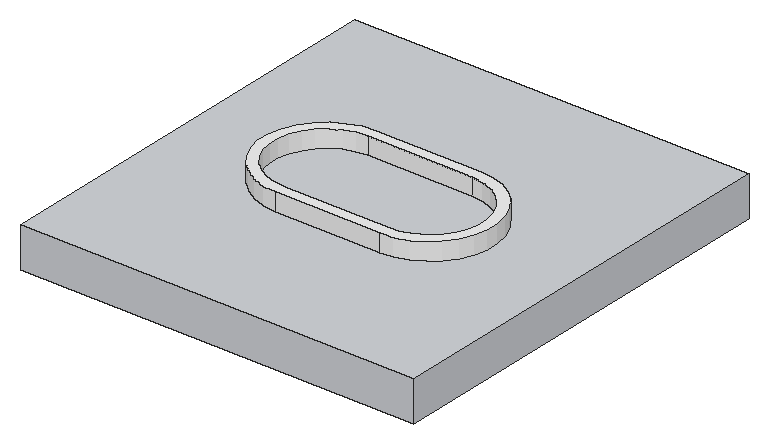
Revit family "M_Extremidade do enrijecedor semicircular de ciclo fechado", category Enrijecedores estruturais, Revit 2019
Family settings
  Hospedeiro = Face
  Número OmniClass = 23.25.30.11.27
  Título OmniClass = Vibration and Earthquake Controls
  ID de item do Seek = Closed Loop Stiffener-Semicircular End-0000-CAN-ENU
  Corte com vazios quando carregada = Não
  Compartilhado = Não
Parameters (values of type "300 X 75")
  r [instance] = 75 mm
  d [instance] = 25 mm
  b [instance] = 15 mm
  Material de enrijecedor [instance] = Metal - Aço 345 MPa
  L1 [instance] = L - 2 * r  # 150 mm
  L [instance] = 300 mm
  Elevação-padrão = 7000 mm
  w [instance] = r * 2  # 150 mm
Types (3, lengths in mm): name | r | L1 | L | w
  (no name) | 75 | 150 | 300 | 150
  300 X 75 | 75 | 150 | 300 | 150
  600 X 125 | 125 | 350 | 600 | 250
Reference planes
  plane 1 "Centro (Frente/Trás)": y = 0.001
  plane 2: z = 0
  plane 3 "Centro (Esquerda/Direita)": x = 0.012
  plane 4: y = -74.999
  plane 5: x = -149.988
  plane 6: x = 150.012
  plane 7: x = -74.988
  plane 8: x = 75.012
  plane 9: y = 0.001
  plane 10: y = -74.999
  plane 11: y = -149.999
Forms (mm)
  Extrusion 1, solid
    sketch origin (0, 0, 0) x (1, 0, 0) y (0, 1, 0)
      loop
        line (-279.388, 233.284) -> (-279.388, -367.815) -> (285.053, -367.815) -> (285.053, 233.284) -> (-279.388, 233.284)
    from 0 to -57.496
  Sweep 2, solid, material "Metal - Aço 345 MPa" <- "Material de enrijecedor", detail levels medium+fine
    path origin (39.898, 61.752, 0) x (1, 0, 0) y (0, 1, 0)
      loop
        arc (-114.886, -61.752) -> (-189.886, -136.752) -> (-114.886, -211.752) r 75
        line (-114.886, -211.752) -> (35.114, -211.752)
        arc (35.114, -211.752) -> (110.114, -136.752) -> (35.114, -61.752) r 75
        line (35.114, -61.752) -> (-114.886, -61.752)
    profile origin (0.012, 0.001, 0) x (0, 1, 0) y (0, 0, 1)
      loop
        line (0, 25) -> (0, 0) -> (15, 0) -> (15, 25) -> (0, 25)
Dimensions and locks
  "L": plane 5 to plane 6
  equal spacing: plane 5, plane 3 "Centro (Esquerda/Direita)", plane 6
  "b": Sweep 2 sketch curve to Sweep 2 sketch curve
  "d": Sweep 2 sketch curve to Sweep 2 sketch curve
  equal spacing: plane 7, plane 3 "Centro (Esquerda/Direita)", plane 8
  "L1": plane 7 to plane 8
  "r": plane 9 to plane 10
  "w": plane 11 to plane 9
  "r": radius of Sweep 2 sketch curve  (x2)
  aligned and locked: plane 2 to Extrusion 1
  aligned and locked: level to Extrusion 1
  aligned and locked: plane 4 to Sweep 2 sketch curve  (x2)
  aligned and locked: plane 7 to Sweep 2 sketch curve  (x2)
  aligned and locked: plane 8 to Sweep 2 sketch curve  (x2)
  aligned and locked: plane 9 to plane 1 "Centro (Frente/Trás)"
  aligned and locked: plane 4 to plane 10
Automatic sketch dimensions
  Sweep 2 sketch curve to level = 0 mm
  Sweep 2 sketch curve to profile plane = 0 mm
  Extrusion 1 sketch curve to Extrusion 1 sketch curve = 564.44 mm
  Extrusion 1 sketch curve to Extrusion 1 sketch curve = 601.099 mm
